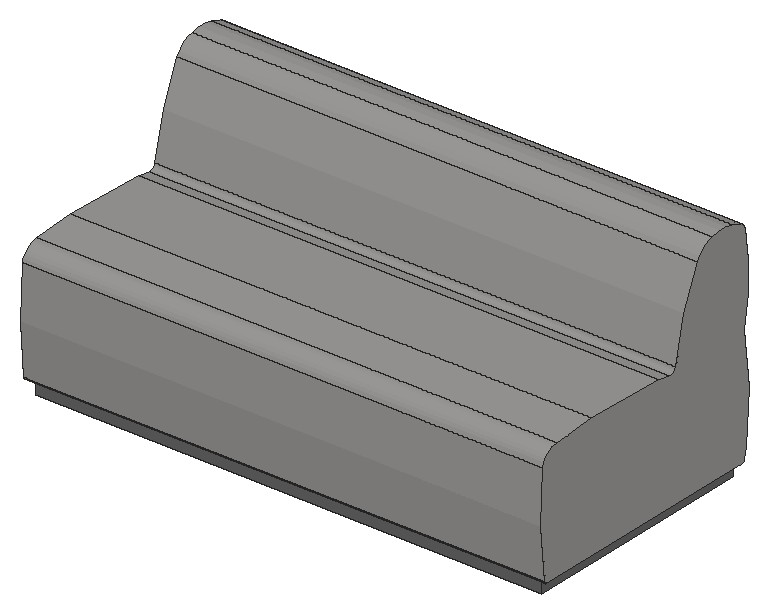
Revit family "FU_Modular_Sandler_PAU1040TA", category Furniture, Revit 2020
Family settings
  OmniClass Number = 23.40.20.00
  OmniClass Title = General Furniture and Specialties
  Work Plane-Based = No
  Always vertical = Yes
  Cut with Voids When Loaded = No
  Shared = No
  Room Calculation Point = No
Parameters (values of type "PAU1040TA")
  Width = 1600 mm
  URL = "https://www.sandlerseating.com/product/pau1040ta/"
  Seat = Fabric - Gravity - Dove CPC17
  Model = "PAU1040TA"
  Manufacturer = "Sandler"
  Height = 720 mm
  Frame = Lacquer - W1 - B00 Black
  Description = "Upholstered modular seat with backrest. Width 160cm."
  Depth = 800 mm
  Default Elevation = 0 mm
Reference planes
  plane 1 "Center (Front/Back)": y = 0
  plane 2: z = 0
  plane 3 "Center (Left/Right)": x = 0
  plane 4 "Right": x = -800
  plane 5 "Left": x = 800
  plane 6 "Back": y = 400
  plane 7 "Front": y = -400
  plane 8 "Height": z = 720
  plane 9 "Seat height": z = 420
  plane 10 "Base height": z = 40.157
Forms (mm)
  Extrusion 1, solid, material "Lacquer - W1 - B00 Black" <- "Frame"
    sketch origin (0, 0, 0) x (0, 1, 0) y (0, 0, 1)
      loop
        line (-368.099, 0) -> (363.901, 0) -> (363.901, 40.157) -> (-368.099, 40.157) -> (-368.099, 0)
    from -777.526 to 777.684
  Extrusion 2, solid, material "Fabric - Gravity - Dove CPC17" <- "Seat"
    sketch origin (0, 0, 0) x (0, 1, 0) y (0, 0, 1)
      loop
        arc (-335.955, 410.204) -> (-371.82, 397.847) -> (-392.418, 365.992) r 58.11
        arc (-392.418, 365.992) -> (-400.277, 207.005) -> (-385.436, 48.517) r 1115.974
        arc (-385.436, 48.517) -> (-382.036, 42.528) -> (-375.571, 40.157) r 10
        line (-375.571, 40.157) -> (363.901, 40.157)
        arc (363.901, 40.157) -> (373.274, 40.746) -> (380.833, 46.319) r 16.632
        line (380.833, 46.319) -> (387.623, 76.158)
        arc (387.623, 76.158) -> (396.78, 241.149) -> (378.646, 405.396) r 1000.167
        arc (378.646, 405.396) -> (397.095, 545.529) -> (382.169, 686.082) r 598.54
        arc (382.169, 686.082) -> (377.945, 694.748) -> (370.526, 700.906) r 22.881
        arc (370.526, 700.906) -> (353.929, 708.579) -> (336.678, 714.644) r 192.639
        arc (336.678, 714.644) -> (299.178, 720.132) -> (261.678, 714.644) r 130.877
        arc (261.678, 714.644) -> (227.249, 700.168) -> (202.842, 671.897) r 81.812
        arc (202.842, 671.897) -> (150.298, 549.257) -> (117.219, 420) r 865.92
        arc (117.219, 420) -> (110.709, 406.407) -> (96.094, 402.725) r 17.74
        line (96.094, 402.725) -> (53.736, 410.959)
        arc (53.736, 410.959) -> (-75.239, 419.418) -> (-204.484, 420.862) r 2379.764
        arc (-204.484, 420.862) -> (-270.392, 417.667) -> (-335.955, 410.204) r 1016.877
    from -800 to 800
Dimensions and locks
  equal spacing: plane 4 "Right", plane 3 "Center (Left/Right)", plane 5 "Left"
  "Width": plane 4 "Right" to plane 5 "Left"
  equal spacing: plane 6 "Back", plane 1 "Center (Front/Back)", plane 7 "Front"
  "Depth": plane 6 "Back" to plane 7 "Front"
  "Height": plane 8 "Height" to level
  plane 9 "Seat height" to level = 420 mm
  aligned and locked: level to plane 2
Automatic sketch dimensions
  plane 10 "Base height" to Extrusion 1 sketch curve = 0 mm
  Extrusion 1 sketch curve to level = 0 mm
  plane 7 "Front" to Extrusion 1 sketch curve = 31.901 mm
  Extrusion 1 sketch curve to plane 6 "Back" = 36.099 mm
  plane 10 "Base height" to Extrusion 2 sketch curve = 0 mm
  Extrusion 2 sketch curve to plane 9 "Seat height" = 0 mm
  Extrusion 2 sketch curve to plane 7 "Front" = 203.015 mm
  plane 7 "Front" to Extrusion 2 sketch curve = 24.429 mm
  plane 7 "Front" to Extrusion 2 sketch curve = 64.006 mm
  plane 9 "Seat height" to Extrusion 2 sketch curve = 133.041 mm
  plane 7 "Front" to Extrusion 2 sketch curve = 198.602 mm
  plane 1 "Center (Front/Back)" to Extrusion 2 sketch curve = 188.228 mm
  plane 1 "Center (Front/Back)" to Extrusion 2 sketch curve = 166.441 mm
  Extrusion 2 sketch curve to plane 9 "Seat height" = 9.041 mm
  Extrusion 2 sketch curve to plane 1 "Center (Front/Back)" = 53.736 mm
  Extrusion 2 sketch curve to plane 9 "Seat height" = 17.275 mm
  Extrusion 2 sketch curve to Extrusion 2 sketch curve = 42.358 mm
  plane 9 "Seat height" to Extrusion 2 sketch curve = 0.14 mm
  Extrusion 2 sketch curve to Extrusion 2 sketch curve = 3.385 mm
  Extrusion 2 sketch curve to plane 6 "Back" = 124.664 mm
  Extrusion 2 sketch curve to Extrusion 2 sketch curve = 6.145 mm
  Extrusion 2 sketch curve to Extrusion 2 sketch curve = 23.842 mm
  Extrusion 2 sketch curve to plane 6 "Back" = 40.05 mm
  Extrusion 2 sketch curve to plane 6 "Back" = 36.099 mm
  Extrusion 2 sketch curve to Extrusion 2 sketch curve = 3.685 mm
  Extrusion 2 sketch curve to plane 10 "Base height" = 6.163 mm
  Extrusion 2 sketch curve to Extrusion 2 sketch curve = 13.248 mm
  Extrusion 2 sketch curve to plane 6 "Back" = 12.377 mm
  Extrusion 2 sketch curve to plane 9 "Seat height" = 188.457 mm
  plane 6 "Back" to Extrusion 2 sketch curve = 315.427 mm
  Extrusion 2 sketch curve to Extrusion 2 sketch curve = 254.723 mm
  Extrusion 2 sketch curve to level = 595.885 mm
  Extrusion 2 sketch curve to Extrusion 2 sketch curve = 1362.713 mm
  Extrusion 2 sketch curve to Extrusion 2 sketch curve = 10 mm
  Extrusion 2 sketch curve to Extrusion 2 sketch curve = 19.783 mm
  Extrusion 2 sketch curve to plane 10 "Base height" = 173.73 mm
  Extrusion 2 sketch curve to plane 9 "Seat height" = 149.42 mm
  Extrusion 2 sketch curve to plane 9 "Seat height" = 67.905 mm
  plane 9 "Seat height" to Extrusion 2 sketch curve = 110.082 mm
  Extrusion 2 sketch curve to Extrusion 2 sketch curve = 59.173 mm
  Extrusion 2 sketch curve to Extrusion 2 sketch curve = 44.726 mm
  Extrusion 2 sketch curve to plane 8 "Height" = 39.384 mm
  plane 7 "Front" to Extrusion 2 sketch curve = 7.582 mm
  Extrusion 2 sketch curve to Extrusion 2 sketch curve = 0 mm  (x4)
  Extrusion 2 sketch curve to plane 9 "Seat height" = 9.796 mm
  Extrusion 2 sketch curve to plane 8 "Height" = 5.356 mm
  Extrusion 2 sketch curve to Extrusion 2 sketch curve = 97.164 mm
